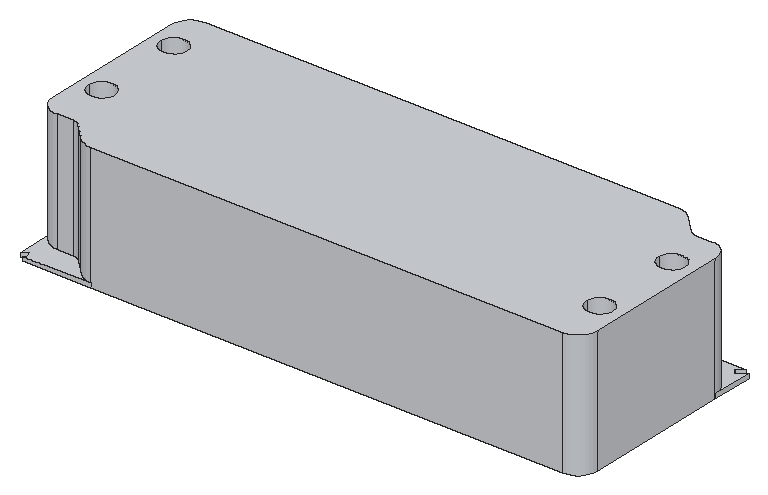
Revit family "XD35010.1", category Luminarias, Revit 2019
Family settings
  Cota de conector redondo = Diámetro de uso
  Tipo de pieza = Normal
  Se basa en plano de trabajo = Sí
  Siempre vertical = No
  Corte con vacíos al cargar = No
  Origen de luz = No
  Compartido = Sí
  Punto de cálculo de habitación = No
Parameters (values of type "FUENTE_XD35010.1")
  Keynote = ""
  Modelo = "XD35010.1"
  Lamp = ""
  Fabricante = "BRILLANT"
  Default Elevation = 1219.2 mm
  Descripción = "FUENTE DE ALIMENTACION DIMEABLE CON UNA CAPACIDAD DE 10.5W, ALIMENTACION ENTRADA 180-240VAC/50-60Hz, SALIDA 18-30VDC, 150-350mA, IP 20"
  Comentarios de vataje = "18-30V//180-240V"
Reference planes
  plane 1 "Centro (Frontal/Posterior)": y = 0
  plane 2: z = 0
  plane 3 "Centro (Izquierda/Derecha)": x = 0
  plane 4: x = -72
  plane 5: x = 72
  plane 6: y = 27
  plane 7: y = -27
  plane 8: z = 32
Forms (mm)
  Extrusion 1, solid
    sketch origin (0, 0, 0) x (1, 0, 0) y (0, 1, 0)
      loop
        line (72, 15.446) -> (72, 26.043) -> (69.744, 24.463) -> (68.845, 25.748) -> (70.633, 27) -> (53.197, 27)
        arc (53.197, 27) -> (55.455, 26.407) -> (57.373, 25.078) r 6.72
        line (57.373, 25.078) -> (61.426, 21.025)
        arc (61.426, 21.025) -> (62.177, 20.661) -> (62.984, 20.446) r 4.349
        line (62.984, 20.446) -> (67, 20.446)
        arc (67, 20.446) -> (70.536, 18.981) -> (72, 15.446) r 5
      loop
        line (-72, -15.446) -> (-72, -26.043) -> (-70.688, -25.124) -> (-69.789, -26.409) -> (-70.633, -27) -> (-53.197, -27)
        arc (-53.197, -27) -> (-55.457, -26.413) -> (-57.373, -25.078) r 6.628
        line (-57.373, -25.078) -> (-61.426, -21.025)
        arc (-61.426, -21.025) -> (-62.177, -20.661) -> (-62.984, -20.446) r 4.349
        line (-62.984, -20.446) -> (-67, -20.446)
        arc (-67, -20.446) -> (-70.536, -18.981) -> (-72, -15.446) r 5
    from 0 to 1.098
  Extrusion 2, solid
    sketch origin (0, 0, 0) x (1, 0, 0) y (0, 1, 0)
      loop
        arc (-67, 27) -> (-70.536, 25.536) -> (-72, 22) r 5
        line (-72, 22) -> (-72, -15.446)
        arc (-72, -15.446) -> (-70.536, -18.981) -> (-67, -20.446) r 5
        line (-67, -20.446) -> (-62.984, -20.446)
        arc (-62.984, -20.446) -> (-62.177, -20.661) -> (-61.426, -21.025) r 4.349
        line (-61.426, -21.025) -> (-57.373, -25.078)
        arc (-57.373, -25.078) -> (-55.455, -26.407) -> (-53.197, -27) r 6.72
        line (-53.197, -27) -> (67, -27)
        arc (67, -27) -> (70.536, -25.536) -> (72, -22) r 5
        line (72, -22) -> (72, 15.446)
        arc (72, 15.446) -> (70.536, 18.981) -> (67, 20.446) r 5
        line (67, 20.446) -> (62.984, 20.446)
        arc (62.984, 20.446) -> (62.177, 20.661) -> (61.426, 21.025) r 4.349
        line (61.426, 21.025) -> (57.373, 25.078)
        arc (57.373, 25.078) -> (55.455, 26.407) -> (53.197, 27) r 6.72
        line (53.197, 27) -> (-67, 27)
    from 0 to 32
  Extrusion 3, void
    sketch origin (0, 0, 0) x (1, 0, 0) y (0, 1, 0)
      loop
        circle (-66.139, 15.641) r 3.386
      loop
        circle (-66.139, -7.35) r 3.386
      loop
        circle (66.139, 9.087) r 3.386
      loop
        circle (66.139, -13.904) r 3.386
    from 28.426 to 32
Cuts and joins
  Extrusion 3 cuts Extrusion 2
Dimensions and locks
  equal spacing: plane 4, plane 3 "Centro (Izquierda/Derecha)", plane 5
  plane 4 to plane 3 "Centro (Izquierda/Derecha)" = 72 mm
  plane 4 to plane 5 = 144 mm
  equal spacing: plane 6, plane 1 "Centro (Frontal/Posterior)", plane 7
  plane 8 to level = 32 mm
  plane 1 "Centro (Frontal/Posterior)" to plane 6 = 27 mm
  plane 6 to plane 7 = 54 mm
  plane 5 to plane 4 = 144 mm
  aligned and locked: level to plane 2
  aligned and locked: plane 8 to Extrusion 2
  aligned and locked: plane 8 to Extrusion 3
Automatic sketch dimensions
  Extrusion 2 sketch curve to plane 4 = 0 mm
  Extrusion 2 sketch curve to plane 6 = 0 mm
  Extrusion 2 sketch curve to plane 7 = 0 mm
  Extrusion 2 sketch curve to plane 5 = 0 mm
  plane 4 to Extrusion 2 sketch curve = 5 mm  (x2)
  plane 7 to Extrusion 2 sketch curve = 2.263 mm
  Extrusion 2 sketch curve to Extrusion 2 sketch curve = 3.306 mm
  Extrusion 2 sketch curve to Extrusion 2 sketch curve = 4.016 mm  (x2)
  Extrusion 2 sketch curve to Extrusion 2 sketch curve = 1.558 mm  (x2)
  plane 7 to Extrusion 2 sketch curve = 1.922 mm
  Extrusion 2 sketch curve to Extrusion 2 sketch curve = 4.053 mm  (x3)
  Extrusion 2 sketch curve to Extrusion 2 sketch curve = 4.176 mm  (x2)
  plane 7 to Extrusion 2 sketch curve = 6.697 mm
  Extrusion 2 sketch curve to Extrusion 2 sketch curve = 4.728 mm
  Extrusion 2 sketch curve to Extrusion 2 sketch curve = 2.268 mm
  Extrusion 2 sketch curve to plane 5 = 5 mm
  Extrusion 2 sketch curve to Extrusion 2 sketch curve = 3.711 mm
  Extrusion 2 sketch curve to plane 6 = 11.554 mm
  Extrusion 2 sketch curve to Extrusion 2 sketch curve = 0.143 mm
  Extrusion 2 sketch curve to Extrusion 2 sketch curve = 0.58 mm
  Extrusion 1 sketch curve to plane 4 = 0 mm  (x2)
  Extrusion 1 sketch curve to plane 7 = 0 mm
  Extrusion 1 sketch curve to plane 6 = 0 mm
  Extrusion 1 sketch curve to plane 5 = 0 mm  (x2)
  plane 4 to Extrusion 1 sketch curve = 1.312 mm
  plane 4 to Extrusion 1 sketch curve = 1.367 mm
  plane 7 to Extrusion 1 sketch curve = 0.591 mm
  Extrusion 1 sketch curve to Extrusion 1 sketch curve = 0.845 mm
  plane 4 to Extrusion 1 sketch curve = 5 mm
  plane 7 to Extrusion 1 sketch curve = 2.263 mm
  Extrusion 1 sketch curve to Extrusion 1 sketch curve = 3.306 mm
  Extrusion 1 sketch curve to Extrusion 1 sketch curve = 2.268 mm
  Extrusion 1 sketch curve to Extrusion 1 sketch curve = 8.74 mm
  Extrusion 1 sketch curve to plane 6 = 6.697 mm
  Extrusion 1 sketch curve to plane 5 = 19.354 mm
  Extrusion 1 sketch curve to Extrusion 1 sketch curve = 0.552 mm
  Extrusion 1 sketch curve to plane 6 = 1.922 mm
  Extrusion 1 sketch curve to Extrusion 1 sketch curve = 4.053 mm  (x2)
  Extrusion 1 sketch curve to Extrusion 1 sketch curve = 1.558 mm  (x2)
  Extrusion 1 sketch curve to plane 6 = 2.263 mm
  Extrusion 1 sketch curve to Extrusion 1 sketch curve = 0.71 mm
  Extrusion 1 sketch curve to plane 5 = 5 mm
  Extrusion 1 sketch curve to plane 6 = 1.252 mm
  Extrusion 1 sketch curve to plane 5 = 3.155 mm
  Extrusion 1 sketch curve to Extrusion 1 sketch curve = 0.899 mm
  Extrusion 1 sketch curve to plane 5 = 1.367 mm
  Extrusion 1 sketch curve to Extrusion 1 sketch curve = 3.711 mm
  plane 7 to Extrusion 1 sketch curve = 6.608 mm
  Extrusion 1 sketch curve to Extrusion 1 sketch curve = 9.018 mm
  plane 7 to Extrusion 1 sketch curve = 1.922 mm
  Extrusion 1 sketch curve to Extrusion 1 sketch curve = 9.678 mm
  Extrusion 1 sketch curve to Extrusion 1 sketch curve = 0 mm
  plane 4 to Extrusion 3 sketch curve = 5.861 mm  (x2)
  Extrusion 3 sketch curve to plane 5 = 5.861 mm  (x2)
  plane 1 "Centro (Frontal/Posterior)" to Extrusion 3 sketch curve = 7.35 mm
  plane 1 "Centro (Frontal/Posterior)" to Extrusion 3 sketch curve = 13.904 mm
  Extrusion 3 sketch curve to plane 6 = 17.913 mm
  Extrusion 3 sketch curve to plane 6 = 11.359 mm
  radius of Extrusion 3 sketch curve = 3.386 mm  (x4)
Connectors
  electrical at (72, -3.277, 16)
    settings: on Extrusion 2, index 1, voltage 240 V, apparent load 0 VA, apparent load phase1 0 VA, apparent load phase2 0 VA, apparent load phase3 0 VA, power factor 1, load classification "Otro", number of poles 1, system type 31, power factor state 1, is connector primary yes, connector utility no, sub classification motor no, connector description ""
  electrical at (-72, 3.277, 16)
    settings: on Extrusion 2, index 2, voltage 30 V, apparent load 0 VA, apparent load phase1 0 VA, apparent load phase2 0 VA, apparent load phase3 0 VA, power factor 1, load classification "Otro", number of poles 1, system type 31, power factor state 1, is connector primary no, connector utility no, sub classification motor no, connector description ""
